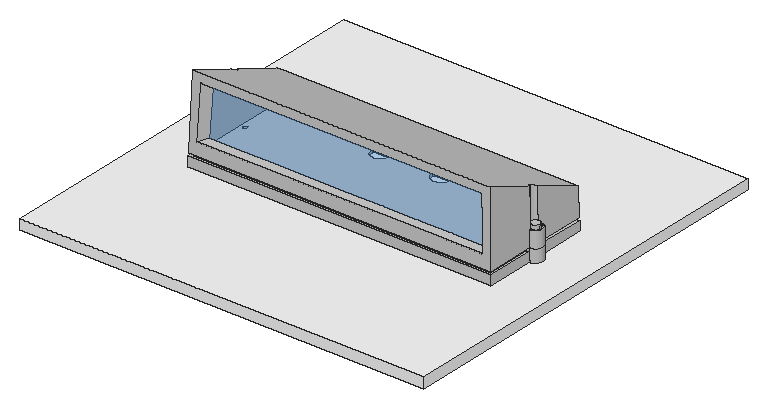
Revit family "BE_24374_de_DE", category Leuchten, Revit 2015
Parameters (values of type "BEGA_24374_Silber_K4")
  built-in parameter 1150104 = 12.765 (stored number, unit not read)
  Wattage = 12.3 W
  Default Elevation = 0 mm
  built-in parameter 1150113 = 1 (stored number, unit not read)
  built-in parameter 1114218 = 1 (stored number, unit not read)
  Umgebungstemperatur = "25 °C"
  URL = "http://www.bega.de/produkt/24374"
  Typenkommentare = "© 2017 BEGA. Wir behalten uns das Recht vor, technische Änderungen ohne vorherige Ankündigung vorzunehmen."  # constant formula
  Type Image = 24374.png
  built-in parameter 1150134 = 12
  built-in parameter 1150109 = 1 (stored number, unit not read)
  Strom = ""
  built-in parameter 1150110 = 1 (stored number, unit not read)
  Spannung = 239.996 V
  Sonderanfertigung = no
  Seriennummer [instance] = "Hier können Sie die eindeutige Seriennummer für das Facility Management eintragen."
  Schutzklasse = "I"
  Schutzart = "IP 65"
  Scheinlast = 0 VA
  Produktdatenblatt = "http://www.bega.de/download/Xrfa/db/24374.db.de.pdf"
  Oberflächentemperatur = ""
  Neigungswinkel = 0.00°
  Modell = "24374AK4"
  Material_17 = BEGA_Reflektor
  Material_15 = BEGA_Leuchtmedium_matt
  Material_11 = BEGA_Glas_opal
  Material_10 = BEGA_Glas_matt
  Material_09 = BEGA_Glas_klar
  Material_06 = BEGA_Oberfläche_Edelstahl_gebürstet
  Material_03 = BEGA_Oberfläche_Weiss_matt
  Material_02 = BEGA_Oberfläche_Silber_matt
  Material_01 [instance] = BEGA_Oberfläche_Grafit_matt
  M_W = no
  M_G = no
  M_A = yes
  Logo = 0
  built-in parameter 1114217 = 1 (stored number, unit not read)
  built-in parameter 1150139 = (empty or 0)
  built-in parameter 1150105 = 134.49 (stored number, unit not read)
  built-in parameter 1150114 = 1 (stored number, unit not read)
  Lumens = 1690.02 lm
  built-in parameter 1150115 = 1 (stored number, unit not read)
  Leuchtenlichtstrom = "1077 lm"
  Leuchtenanzahl = ""
  Lebensdauerkriterien = "L70B50 @ 25 °C = 356000 h"
  Lastklassifizierung = Beleuchtung
  built-in parameter 1150112 = 1 (stored number, unit not read)
  Lampenlichtstrom = "1690 lm"
  Lampe = "LED 12.3 W"
  LED_Modulbezeichnung = "LED-0519/840"
  built-in parameter 1150142 = (empty or 0)
  Hersteller = "BEGA"  # constant formula
  Halbstreuwinkel = ""
  Gewicht = "1.55 kg"
  Gebrauchslageneinschränkung [instance] = ""
  Frequenz = "0/50-60 Hz"
  Farbwiedergabeindex = "Ra > 80"
  Farbtemperaturverschiebung bei Dämpfen der Lampe = <Keine Auswahl>
  Farbtemperatur = "4000 K"
  Color Filter = 16777215
  built-in parameter 1150133 = 10 (stored number, unit not read)
  Energieeffizienzklasse = "LED A++ - A"
  built-in parameter 1150137 = (empty or 0)
  built-in parameter 1150132 = (empty or 0)
  ENEC = "ja"
  Dimmbar [instance] = "DALI"
  Datei für fotometrisches Netz = "BE_24374K4.IES"
  CE_Konformität = "ja"
  Bestellnummer = "24374AK4"
  Beschreibung_Sonderanfertigung = "Hier können Sie Informationen zur Sonderanfertigung eintragen."
  Beschreibung = "Wandleuchte"
  built-in parameter 1150106 = 1.3449 (stored number, unit not read)
  Befestigungsbohrung = "Ø 5 mm"
  Befestigungsabstand = "274 mm"
  Ballwurfsicher = ""
  BEGA_Intern_aus = yes
  BEGA_Intern_an = yes
  BEGA_Intern_Konstruktion = yes
  BEGA_Intern = yes
  BEGA_IES = yes
  BEGA_Dummy = no
  Anschlussleitung = ""
  Anschlussleistung [instance] = "15 W"
  Anschlusskasten = ""
  built-in parameter 1150107 = 4000 (stored number, unit not read)
  built-in parameter 1150102 = (empty or 0)
  built-in parameter 1150138 = (empty or 0)
  Aktualisierung = "2017-06-27T04:08:34"
  Abstand_zur_angestrahlten_Fläche [instance] = ""
  AC/DC = "AC/DC"
Types (4, lengths in mm): name | built-in parameter 1150134 | Modell | M_G | M_A | LED_Modulbezeichnung | Farbtemperatur | Datei für fotometrisches Netz | Bestellnummer | built-in parameter 1150107
  BEGA_24374_Grafit_K4 | 12 | "24374K4" | yes | no | "LED-0519/840" | "4000 K" | "BE_24374K4.IES" | "24374K4" | 4000 (stored number, unit not read)
  BEGA_24374_Silber_K3 | (empty or 0) | "24374A" | no | yes | "LED-0519/830" | "3000 K" | "BE_24374.IES" | "24374A" | 3000 (stored number, unit not read)
  BEGA_24374_Grafit_K3 | (empty or 0) | "24374" | yes | no | "LED-0519/830" | "3000 K" | "BE_24374.IES" | "24374" | 3000 (stored number, unit not read)
  BEGA_24374_Silber_K4 | 12 | "24374AK4" | no | yes | "LED-0519/840" | "4000 K" | "BE_24374K4.IES" | "24374AK4" | 4000 (stored number, unit not read)
Reference planes
  plane 1 "Mitte (Vorne/Hinten)": y = 0
  plane 2: z = 0
  plane 3 "Mitte (Links/Rechts)": x = 0
  plane 4 "Links": x = -157.5
  plane 5 "Rechts": x = 157.5
  plane 6 "Unten": y = -55
  plane 7 "Oben": y = 55
  plane 8 "Vorne": z = 85
  plane 9 "Hinten": z = 0
Forms (mm)
  Extrusion 1, solid, material "BEGA_Platte_Weiss"
    sketch origin (0, -1119.2, 0) x (1, 0, 0) y (0, 1, 0)
      loop
        line (-200, 1319.2) -> (-200, 919.2) -> (200, 919.2) -> (200, 1319.2) -> (-200, 1319.2)
    from 0 to -10
  Extrusion 2, solid, material "BEGA_Dummy_matt", visible <- "BEGA_Dummy"
    sketch origin (80.095, -76.023, 0) x (1, 0, 0) y (0, 1, 0)
      loop
        line (-237.595, 131.023) -> (-237.595, 21.023) -> (77.404, 21.023) -> (77.404, 131.023) -> (-237.595, 131.023)
    from 0 to 25.379
Dimensions and locks
  plane 1 "Mitte (Vorne/Hinten)" to Extrusion 1 = 200 mm
  aligned and locked: plane 2 to Extrusion 1
  aligned and locked: level to Extrusion 1
Nested families
  nested 1: "BE_24374" at (0, 0, 0), type "BE_24374"
Connectors
  electrical at (0, 0, 0), driven by "Lastklassifizierung", driven by "Spannung", driven by "Scheinlast"
    settings: index 1, voltage 239.996 V, apparent load 0 VA, apparent load phase1 0 VA, apparent load phase2 0 VA, apparent load phase3 0 VA, power factor 1, load classification "Beleuchtung", number of poles 1, system type 31, power factor state 1, is connector primary yes, connector utility no, sub classification motor no, connector description ""
Definition of nested family "BE_24374"
  Parameters (values of type "BE_24374")
    Default Elevation = 1 mm
    URL = "http://www.bega.de/de/produkt"
    Type Comments = "© 2015 BEGA. Wir behalten uns das Recht vor, technische Änderungen ohne vorherige Ankündigung vorzunehmen. "  # constant formula
    Type Image = (empty or 0)
    Material_17 = none
    Material_15 = none
    Material_11 = none
    Material_10 = none
    Material_09 = none
    Material_06 = none
    Material_03 = none
    Material_02 = none
    Material_01 = none
    M_W = yes
    M_G = yes
    M_A = yes
    Länge_Platte = 400 mm  # constant formula
    Höhe_Platte = -10 mm  # constant formula
    Manufacturer = "BEGA"  # constant formula
    Breite_Platte = 200 mm  # constant formula
  Reference planes
    plane 1 "Mitte (Oben/Unten)": y = 0
    plane 2: z = 0
    plane 3 "Mitte (Links/Rechts)": x = 0
    plane 4 "Hinten": z = 0
    plane 5 "Unten": y = -55
    plane 6: x = -157.5
    plane 7: z = 85
    plane 8: x = 157.5
    plane 9: y = 55
  Forms (mm)
    Extrusion 1, solid, detail levels medium
      sketch origin (0, 0, 0) x (1, 0, 0) y (0, 1, 0)
        loop
          line (-200, 100) -> (-200, -100) -> (200, -100) -> (200, 100) -> (-200, 100)
      from 0 to -10 <- "Höhe_Platte"
    Extrusion 2, solid, material <- "Material_01", visible <- "M_G", detail levels medium+fine
      sketch origin (0, 0, 0) x (0, 1, 0) y (0, 0, 1)
        loop
          line (54.6, 12) -> (53.615, 40.2) -> (-52.051, 85) -> (-54.6, 12) -> (-52.3, 12) -> (-52.143, 16.5) -> (-45.263, 16.5) -> (-43.091, 78.703) -> (44.386, 41.615) -> (45.263, 16.5) -> (52.143, 16.5) -> (52.3, 12) -> (54.6, 12)
      from -149.58 to 149.58
    Extrusion 3, solid, material <- "Material_01", visible <- "M_G", detail levels medium+fine
      sketch origin (0, 0, 0) x (0, 1, 0) y (0, 0, 1)
        loop
          line (53.615, 40.2) -> (-52.051, 85) -> (-54.6, 12) -> (54.6, 12) -> (53.615, 40.2)
      from -149.58 to -143.033
    Extrusion 4, solid, material <- "Material_01", visible <- "M_G", detail levels medium+fine
      sketch origin (0, 0, 0) x (0, 1, 0) y (0, 0, -1)
        loop
          line (53.615, -40.2) -> (54.6, -12) -> (-54.6, -12) -> (-52.051, -85) -> (53.615, -40.2)
      from -149.58 to -143.878
    Extrusion 5, void
      sketch origin (0, 0, 0) x (1, 0, 0) y (0, 0, 1)
        loop
          line (-146.975, 86.584) -> (-149.58, 86.584) -> (-149.58, 12) -> (-146.975, 86.584)
      from -56.602 to 58.291
    Extrusion 6, void
      sketch origin (0, 0, 0) x (-1, 0, 0) y (0, 0, -1)
        loop
          line (-146.975, -86.584) -> (-149.58, -12) -> (-149.58, -86.584) -> (-146.975, -86.584)
      from -56.602 to 58.291
    Extrusion 7, solid, material <- "Material_01", visible <- "M_G", detail levels medium+fine
      sketch origin (0, 0, 0) x (-1, 0, 0) y (0, -1, 0)
        loop
          line (-146.067, -7.186) -> (-146.067, 7.186) -> (-150, 7.186)
          arc (-150, 7.186) -> (-157.186, 0.001) -> (-150.002, -7.186) r 7.186
          line (-150.002, -7.186) -> (-146.067, -7.186)
      from 12 to 28
    Sweep 8, solid, material <- "Material_01", visible <- "M_G", detail levels medium+fine
      path in 3D
        loop
          line (-149.58, 54.6, 12) -> (-149.58, -54.6, 12) -> (149.58, -54.6, 12) -> (149.58, 54.6, 12) -> (-149.58, 54.6, 12)
      profile origin (0, 54.6, 12) x (0, 1, 0) y (0, 0, -1)
        loop
          line (0.4, 12) -> (-1.901, 12) -> (-2.102, 6.267)
          arc (-2.102, 6.267) -> (-2.406, 5.581) -> (-3.116, 5.3) r 1
          arc (-3.116, 5.3) -> (-4.504, 4.739) -> (-5.114, 3.372) r 2
          line (-5.114, 3.372) -> (-5.246, -0.4) -> (-27.587, -0.4) -> (-27.587, -2.7) -> (-3.025, -2.7) -> (-2.826, 3) -> (0.086, 3) -> (0.4, 12)
    Extrusion 9, solid, material <- "Material_01", visible <- "M_G", detail levels medium+fine
      sketch origin (0, 0, 0) x (1, 0, 0) y (0, 1, 0)
        loop
          line (-121.993, 27.013) -> (-121.993, -27.013) -> (121.993, -27.013) -> (121.993, 27.013) -> (-121.993, 27.013)
      from 14.7 to 12.4
    Extrusion 10, solid, material <- "Material_01", visible <- "M_G", detail levels medium+fine
      sketch origin (0, 0, 0) x (-1, 0, 0) y (0, -1, 0)
        loop
          line (-145.279, -7.5) -> (-145.279, 7.5) -> (-150, 7.5)
          arc (-150, 7.5) -> (-157.5, 0.001) -> (-150.001, -7.5) r 7.5
          line (-150.001, -7.5) -> (-145.279, -7.5)
      from 0 to 12
    Extrusion 11, solid, material <- "Material_01", visible <- "M_G", detail levels medium+fine
      sketch origin (0, 0, 0) x (1, 0, 0) y (0, 1, 0)
        loop
          line (-146.067, 7.186) -> (-150.002, 7.186)
          arc (-150.002, 7.186) -> (-157.186, -0.001) -> (-150, -7.186) r 7.186
          line (-150, -7.186) -> (-146.067, -7.186) -> (-146.067, 7.186)
      from 12 to 28
    Extrusion 12, solid, material <- "Material_01", visible <- "M_G", detail levels medium+fine
      sketch origin (0, 0, 0) x (1, 0, 0) y (0, 1, 0)
        loop
          line (-145.279, 7.5) -> (-150.001, 7.5)
          arc (-150.001, 7.5) -> (-157.5, -0.001) -> (-150, -7.5) r 7.5
          line (-150, -7.5) -> (-145.279, -7.5) -> (-145.279, 7.5)
      from 0 to 12
    Sweep 13, solid, material <- "Material_02", visible <- "M_A", detail levels medium+fine
      path in 3D
        loop
          line (-149.58, 54.6, 12) -> (-149.58, -54.6, 12) -> (149.58, -54.6, 12) -> (149.58, 54.6, 12) -> (-149.58, 54.6, 12)
      profile origin (0, 54.6, 12) x (0, 1, 0) y (0, 0, -1)
        loop
          line (0.4, 12) -> (-1.901, 12) -> (-2.102, 6.267)
          arc (-2.102, 6.267) -> (-2.406, 5.581) -> (-3.116, 5.3) r 1
          arc (-3.116, 5.3) -> (-4.504, 4.739) -> (-5.114, 3.372) r 2
          line (-5.114, 3.372) -> (-5.246, -0.4) -> (-27.587, -0.4) -> (-27.587, -2.7) -> (-3.025, -2.7) -> (-2.826, 3) -> (0.086, 3) -> (0.4, 12)
    Extrusion 14, solid, material <- "Material_02", visible <- "M_A", detail levels medium+fine
      sketch origin (0, 0, 0) x (1, 0, 0) y (0, 1, 0)
        loop
          line (-121.993, 27.013) -> (-121.993, -27.013) -> (121.993, -27.013) -> (121.993, 27.013) -> (-121.993, 27.013)
      from 14.7 to 12.4
    Extrusion 15, solid, material <- "Material_02", visible <- "M_A", detail levels medium+fine
      sketch origin (0, 0, 0) x (-1, 0, 0) y (0, -1, 0)
        loop
          line (-145.279, -7.5) -> (-145.279, 7.5) -> (-150, 7.5)
          arc (-150, 7.5) -> (-157.5, 0.001) -> (-150.001, -7.5) r 7.5
          line (-150.001, -7.5) -> (-145.279, -7.5)
      from 0 to 12
    Extrusion 16, solid, material <- "Material_02", visible <- "M_A", detail levels medium+fine
      sketch origin (0, 0, 0) x (1, 0, 0) y (0, 1, 0)
        loop
          line (-145.279, 7.5) -> (-150.001, 7.5)
          arc (-150.001, 7.5) -> (-157.5, -0.001) -> (-150, -7.5) r 7.5
          line (-150, -7.5) -> (-145.279, -7.5) -> (-145.279, 7.5)
      from 0 to 12
    Extrusion 17, solid, material <- "Material_02", visible <- "M_A", detail levels medium+fine
      sketch origin (0, 0, 0) x (0, 1, 0) y (0, 0, 1)
        loop
          line (54.6, 12) -> (53.615, 40.2) -> (-52.051, 85) -> (-54.6, 12) -> (-52.3, 12) -> (-52.143, 16.5) -> (-45.263, 16.5) -> (-43.091, 78.703) -> (44.386, 41.615) -> (45.263, 16.5) -> (52.143, 16.5) -> (52.3, 12) -> (54.6, 12)
      from -149.58 to 149.58
    Extrusion 18, solid, material <- "Material_02", visible <- "M_A", detail levels medium+fine
      sketch origin (0, 0, 0) x (0, 1, 0) y (0, 0, 1)
        loop
          line (53.615, 40.2) -> (-52.051, 85) -> (-54.6, 12) -> (54.6, 12) -> (53.615, 40.2)
      from -149.58 to -143.033
    Extrusion 19, solid, material <- "Material_02", visible <- "M_A", detail levels medium+fine
      sketch origin (0, 0, 0) x (0, 1, 0) y (0, 0, -1)
        loop
          line (53.615, -40.2) -> (54.6, -12) -> (-54.6, -12) -> (-52.051, -85) -> (53.615, -40.2)
      from -149.58 to -143.878
    Extrusion 20, solid, material <- "Material_02", visible <- "M_A", detail levels medium+fine
      sketch origin (0, 0, 0) x (-1, 0, 0) y (0, -1, 0)
        loop
          line (-146.067, -7.186) -> (-146.067, 7.186) -> (-150, 7.186)
          arc (-150, 7.186) -> (-157.186, 0.001) -> (-150.002, -7.186) r 7.186
          line (-150.002, -7.186) -> (-146.067, -7.186)
      from 12 to 28
    Extrusion 21, solid, material <- "Material_02", visible <- "M_A", detail levels medium+fine
      sketch origin (0, 0, 0) x (1, 0, 0) y (0, 1, 0)
        loop
          line (-146.067, 7.186) -> (-150.002, 7.186)
          arc (-150.002, 7.186) -> (-157.186, -0.001) -> (-150, -7.186) r 7.186
          line (-150, -7.186) -> (-146.067, -7.186) -> (-146.067, 7.186)
      from 12 to 28
    Extrusion 22, void
      sketch origin (0, 0, 0) x (1, 0, 0) y (0, 0, 1)
        loop
          line (-149.58, 12) -> (-146.928, 87.951) -> (-149.58, 87.951) -> (-149.58, 12)
      from -56.602 to 58.291
    Extrusion 23, void
      sketch origin (0, 0, 0) x (-1, 0, 0) y (0, 0, -1)
        loop
          line (-149.58, -12) -> (-149.58, -87.951) -> (-146.928, -87.951) -> (-149.58, -12)
      from -56.602 to 58.291
    Extrusion 24, void
      sketch origin (0, 0, 0) x (1, 0, 0) y (0, 1, 0)
        loop
          circle (-137, 0) r 2.295
        loop
          circle (137, 0) r 2.295
        loop
          circle (-29.98, 32.956) r 8.5
        loop
          circle (30.02, 32.956) r 8.5
      from 0 to 17.494
    Extrusion 25, void
      sketch origin (0, 0, 0) x (1, 0, 0) y (0, 1, 0)
        loop
          circle (-150, 0) r 5.401
        loop
          circle (150, 0) r 5.401
      from 24.531 to 92.967
    Extrusion 26, void
      sketch origin (0, 0, 0) x (1, 0, 0) y (0, 1, 0)
        loop
          circle (-150, 0) r 2.4
        loop
          circle (150, 0) r 2.4
      from 0 to 24.531
    Extrusion 27, solid, material <- "Material_06", detail levels fine
      sketch origin (0, 0, 0) x (1, 0, 0) y (0, 1, 0)
        loop
          circle (-150, 0) r 4.4
        loop
          circle (150, 0) r 4.4
      from 24.531 to 31.246
    Blend 28, void
      base sketch origin (0, 0, 0) x (1, 0, 0) y (0, 0, 1)
        loop
          line (-135.746, 25.489) -> (135.781, 25.489) -> (134.098, 73.703) -> (-134.063, 73.703) -> (-135.746, 25.489)
      top sketch origin (0, 0, 0) x (1, 0, 0) y (0, 0, 1)
        loop
          line (-139.775, 78) -> (-141.637, 24.7) -> (141.637, 24.7) -> (139.775, 78) -> (-139.775, 78)
      from 42.635 to 54.455
    Extrusion 29, solid, material <- "Material_10", detail levels medium+fine
      sketch origin (0, 0, 0) x (0, 1, 0) y (0, 0, 1)
        loop
          line (-38.861, 76.632) -> (-42.859, 76.772) -> (-44.848, 19.807) -> (-40.85, 19.667) -> (-38.861, 76.632)
      from -139.005 to 139.02
  Cuts and joins
    Extrusion 5, Extrusion 6, Extrusion 22, Extrusion 23, Extrusion 24, Extrusion 25, Extrusion 26, Blend 28 cuts Extrusion 2
    Extrusion 5, Extrusion 6, Extrusion 22, Extrusion 23, Extrusion 24, Extrusion 25, Extrusion 26, Blend 28 cuts Extrusion 3
    Extrusion 5, Extrusion 6, Extrusion 22, Extrusion 23, Extrusion 24, Extrusion 25, Extrusion 26, Blend 28 cuts Extrusion 4
    Extrusion 22, Extrusion 24, Extrusion 25, Extrusion 26, Blend 28 cuts Extrusion 7
    Extrusion 23, Extrusion 24, Extrusion 25, Extrusion 26, Blend 28 cuts Extrusion 11
    joined: Extrusion 2, Extrusion 3, Extrusion 4, Extrusion 7, Extrusion 11
    Extrusion 24, Extrusion 25, Extrusion 26 cuts Sweep 8
    Extrusion 24, Extrusion 25, Extrusion 26 cuts Extrusion 9
    Extrusion 24, Extrusion 25, Extrusion 26 cuts Extrusion 10
    Extrusion 24, Extrusion 25, Extrusion 26 cuts Extrusion 12
    joined: Sweep 8, Extrusion 9, Extrusion 10, Extrusion 12
    Extrusion 24, Extrusion 25, Extrusion 26 cuts Sweep 13
    Extrusion 24, Extrusion 25, Extrusion 26 cuts Extrusion 14
    Extrusion 24, Extrusion 25, Extrusion 26 cuts Extrusion 15
    Extrusion 24, Extrusion 25, Extrusion 26 cuts Extrusion 16
    joined: Sweep 13, Extrusion 14, Extrusion 15, Extrusion 16
    Extrusion 22, Extrusion 23, Extrusion 24, Extrusion 25, Extrusion 26, Blend 28 cuts Extrusion 17
    Extrusion 22, Extrusion 23, Extrusion 24, Extrusion 25, Extrusion 26, Blend 28 cuts Extrusion 18
    Extrusion 22, Extrusion 23, Extrusion 24, Extrusion 25, Extrusion 26, Blend 28 cuts Extrusion 19
    Extrusion 22, Extrusion 24, Extrusion 25, Extrusion 26, Blend 28 cuts Extrusion 20
    Extrusion 23, Extrusion 24, Extrusion 25, Extrusion 26, Blend 28 cuts Extrusion 21
    joined: Extrusion 17, Extrusion 18, Extrusion 19, Extrusion 20, Extrusion 21
  Lines and regions (mm)
    sketch lines
      curve 1: line (149.58, 54.6, 12) -> (-149.58, 54.6, 12)
      curve 2: line (149.58, -54.6, 12) -> (-149.58, -54.6, 12)
      curve 3: line (-149.58, -54.6, 12) -> (-149.58, 54.6, 12)
      curve 4: line (149.58, 54.6, 12) -> (149.58, -54.6, 12)
      curve 5: line (149.58, 54.6, 12) -> (-149.58, 54.6, 12)
      curve 6: line (149.58, -54.6, 12) -> (-149.58, -54.6, 12)
      curve 7: line (-149.58, -54.6, 12) -> (-149.58, 54.6, 12)
      curve 8: line (149.58, 54.6, 12) -> (149.58, -54.6, 12)
  Dimensions and locks
    equal spacing: Extrusion 1 sketch curve, plane 3 "Mitte (Links/Rechts)", Extrusion 1 sketch curve
    equal spacing: Extrusion 1 sketch curve, plane 1 "Mitte (Oben/Unten)", Extrusion 1 sketch curve
    "Länge_Platte": Extrusion 1 sketch curve to Extrusion 1 sketch curve
    "Breite_Platte": Extrusion 1 sketch curve to Extrusion 1 sketch curve
    aligned and locked: plane 2 to Extrusion 1
    aligned and locked: level to Extrusion 1
  Automatic sketch dimensions
    level to Extrusion 2 sketch curve = 12 mm  (x2)
    plane 1 "Mitte (Oben/Unten)" to Extrusion 2 sketch curve = 54.6 mm
    Extrusion 2 sketch curve to Extrusion 2 sketch curve = 2.3 mm  (x2)
    level to Extrusion 2 sketch curve = 16.5 mm  (x2)
    Extrusion 2 sketch curve to Extrusion 2 sketch curve = 0.157 mm  (x2)
    plane 1 "Mitte (Oben/Unten)" to Extrusion 2 sketch curve = 52.051 mm
    Extrusion 2 sketch curve to Extrusion 2 sketch curve = 6.879 mm  (x2)
    Extrusion 2 sketch curve to Extrusion 2 sketch curve = 8.96 mm
    Extrusion 2 sketch curve to plane 1 "Mitte (Oben/Unten)" = 44.386 mm
    Extrusion 2 sketch curve to Extrusion 2 sketch curve = 0.877 mm
    Extrusion 2 sketch curve to Extrusion 2 sketch curve = 9.229 mm
    Extrusion 2 sketch curve to Extrusion 2 sketch curve = 23.7 mm
    Extrusion 2 sketch curve to Extrusion 2 sketch curve = 1.415 mm
    Extrusion 2 sketch curve to Extrusion 2 sketch curve = 62.203 mm
    Extrusion 2 sketch curve to Extrusion 2 sketch curve = 6.297 mm
    level to Extrusion 3 sketch curve = 12 mm
    plane 1 "Mitte (Oben/Unten)" to Extrusion 3 sketch curve = 54.6 mm
    plane 1 "Mitte (Oben/Unten)" to Extrusion 3 sketch curve = 52.051 mm
    Extrusion 3 sketch curve to plane 1 "Mitte (Oben/Unten)" = 53.615 mm
    Extrusion 3 sketch curve to Extrusion 3 sketch curve = 0.985 mm
    Extrusion 3 sketch curve to Extrusion 3 sketch curve = 28.2 mm
    Extrusion 3 sketch curve to Extrusion 3 sketch curve = 73 mm
    level to Extrusion 4 sketch curve = 12 mm
    plane 1 "Mitte (Oben/Unten)" to Extrusion 4 sketch curve = 54.6 mm
    plane 1 "Mitte (Oben/Unten)" to Extrusion 4 sketch curve = 52.051 mm
    Extrusion 4 sketch curve to plane 1 "Mitte (Oben/Unten)" = 53.615 mm
    Extrusion 4 sketch curve to Extrusion 4 sketch curve = 0.985 mm
    Extrusion 4 sketch curve to Extrusion 4 sketch curve = 28.2 mm
    Extrusion 4 sketch curve to Extrusion 4 sketch curve = 73 mm
    level to Extrusion 5 sketch curve = 12 mm
    Extrusion 5 sketch curve to Extrusion 5 sketch curve = 2.605 mm
    Extrusion 5 sketch curve to Extrusion 5 sketch curve = 74.584 mm
    Extrusion 6 sketch curve to level = 12 mm
    Extrusion 6 sketch curve to Extrusion 6 sketch curve = 2.605 mm
    Extrusion 6 sketch curve to Extrusion 6 sketch curve = 74.584 mm
    plane 1 "Mitte (Oben/Unten)" to Extrusion 7 sketch curve = 0 mm
    Extrusion 7 sketch curve to Extrusion 7 sketch curve = 3.933 mm
    Extrusion 7 sketch curve to plane 1 "Mitte (Oben/Unten)" = 7.186 mm
    Extrusion 7 sketch curve to Extrusion 7 sketch curve = 3.935 mm
    Extrusion 7 sketch curve to Extrusion 7 sketch curve = 0.002 mm
    Sweep 8 sketch curve to profile plane = 2.7 mm
    profile plane to Sweep 8 sketch curve = 27.587 mm
    Sweep 8 sketch curve to profile plane = 0.4 mm  (x2)
    profile plane to Sweep 8 sketch curve = 5.246 mm
    Sweep 8 sketch curve to Sweep 8 sketch curve = 0.132 mm
    Sweep 8 sketch curve to Sweep 8 sketch curve = 1.999 mm
    Sweep 8 sketch curve to Sweep 8 sketch curve = 0.015 mm  (x3)
    profile plane to Sweep 8 sketch curve = 3.025 mm
    Sweep 8 sketch curve to Sweep 8 sketch curve = 0.29 mm
    Sweep 8 sketch curve to Sweep 8 sketch curve = 0.999 mm
    profile plane to Sweep 8 sketch curve = 1.901 mm
    Sweep 8 sketch curve to profile plane = 0.086 mm
    profile plane to Sweep 8 sketch curve = 3 mm
    Sweep 8 sketch curve to Sweep 8 sketch curve = 0.3 mm
    Sweep 8 sketch curve to Sweep 8 sketch curve = 0.072 mm
    Sweep 8 sketch curve to Sweep 8 sketch curve = 0.967 mm
    Sweep 8 sketch curve to Sweep 8 sketch curve = 0.033 mm
    Sweep 8 sketch curve to Sweep 8 sketch curve = 5.733 mm
    plane 1 "Mitte (Oben/Unten)" to Extrusion 9 sketch curve = 27.013 mm
    Extrusion 9 sketch curve to plane 1 "Mitte (Oben/Unten)" = 27.013 mm
    plane 1 "Mitte (Oben/Unten)" to Extrusion 10 sketch curve = 0 mm
    Extrusion 10 sketch curve to Extrusion 10 sketch curve = 4.721 mm
    Extrusion 10 sketch curve to plane 1 "Mitte (Oben/Unten)" = 7.5 mm
    Extrusion 10 sketch curve to Extrusion 10 sketch curve = 4.723 mm
    Extrusion 10 sketch curve to Extrusion 10 sketch curve = 0.001 mm
    plane 1 "Mitte (Oben/Unten)" to Extrusion 11 sketch curve = 0 mm
    Extrusion 11 sketch curve to Extrusion 11 sketch curve = 3.933 mm
    plane 1 "Mitte (Oben/Unten)" to Extrusion 11 sketch curve = 7.186 mm
    Extrusion 11 sketch curve to Extrusion 11 sketch curve = 3.935 mm
    Extrusion 11 sketch curve to Extrusion 11 sketch curve = 0.002 mm
    plane 1 "Mitte (Oben/Unten)" to Extrusion 12 sketch curve = 0 mm
    Extrusion 12 sketch curve to Extrusion 12 sketch curve = 4.721 mm
    plane 1 "Mitte (Oben/Unten)" to Extrusion 12 sketch curve = 7.5 mm
    Extrusion 12 sketch curve to Extrusion 12 sketch curve = 4.723 mm
    Extrusion 12 sketch curve to Extrusion 12 sketch curve = 0.001 mm
    Sweep 13 sketch curve to profile plane = 2.7 mm
    profile plane to Sweep 13 sketch curve = 27.587 mm
    Sweep 13 sketch curve to profile plane = 0.4 mm  (x2)
    profile plane to Sweep 13 sketch curve = 5.246 mm
    Sweep 13 sketch curve to Sweep 13 sketch curve = 0.132 mm
    Sweep 13 sketch curve to Sweep 13 sketch curve = 1.999 mm
    Sweep 13 sketch curve to Sweep 13 sketch curve = 0.015 mm  (x3)
    profile plane to Sweep 13 sketch curve = 3.025 mm
    Sweep 13 sketch curve to Sweep 13 sketch curve = 0.29 mm
    Sweep 13 sketch curve to Sweep 13 sketch curve = 0.999 mm
    profile plane to Sweep 13 sketch curve = 1.901 mm
    Sweep 13 sketch curve to profile plane = 0.086 mm
    profile plane to Sweep 13 sketch curve = 3 mm
    Sweep 13 sketch curve to Sweep 13 sketch curve = 0.3 mm
    Sweep 13 sketch curve to Sweep 13 sketch curve = 0.072 mm
    Sweep 13 sketch curve to Sweep 13 sketch curve = 0.967 mm
    Sweep 13 sketch curve to Sweep 13 sketch curve = 0.033 mm
    Sweep 13 sketch curve to Sweep 13 sketch curve = 5.733 mm
    plane 1 "Mitte (Oben/Unten)" to Extrusion 14 sketch curve = 27.013 mm
    Extrusion 14 sketch curve to plane 1 "Mitte (Oben/Unten)" = 27.013 mm
    plane 1 "Mitte (Oben/Unten)" to Extrusion 15 sketch curve = 0 mm
    Extrusion 15 sketch curve to Extrusion 15 sketch curve = 4.721 mm
    Extrusion 15 sketch curve to plane 1 "Mitte (Oben/Unten)" = 7.5 mm
    Extrusion 15 sketch curve to Extrusion 15 sketch curve = 4.723 mm
    Extrusion 15 sketch curve to Extrusion 15 sketch curve = 0.001 mm
    plane 1 "Mitte (Oben/Unten)" to Extrusion 16 sketch curve = 0 mm
    Extrusion 16 sketch curve to Extrusion 16 sketch curve = 4.721 mm
    plane 1 "Mitte (Oben/Unten)" to Extrusion 16 sketch curve = 7.5 mm
    Extrusion 16 sketch curve to Extrusion 16 sketch curve = 4.723 mm
    Extrusion 16 sketch curve to Extrusion 16 sketch curve = 0.001 mm
    level to Extrusion 17 sketch curve = 12 mm  (x2)
    plane 1 "Mitte (Oben/Unten)" to Extrusion 17 sketch curve = 54.6 mm
    Extrusion 17 sketch curve to Extrusion 17 sketch curve = 2.3 mm  (x2)
    level to Extrusion 17 sketch curve = 16.5 mm  (x2)
    Extrusion 17 sketch curve to Extrusion 17 sketch curve = 0.157 mm  (x2)
    plane 1 "Mitte (Oben/Unten)" to Extrusion 17 sketch curve = 52.051 mm
    Extrusion 17 sketch curve to Extrusion 17 sketch curve = 6.879 mm  (x2)
    Extrusion 17 sketch curve to Extrusion 17 sketch curve = 8.96 mm
    Extrusion 17 sketch curve to plane 1 "Mitte (Oben/Unten)" = 44.386 mm
    Extrusion 17 sketch curve to Extrusion 17 sketch curve = 0.877 mm
    Extrusion 17 sketch curve to Extrusion 17 sketch curve = 9.229 mm
    Extrusion 17 sketch curve to Extrusion 17 sketch curve = 23.7 mm
    Extrusion 17 sketch curve to Extrusion 17 sketch curve = 1.415 mm
    Extrusion 17 sketch curve to Extrusion 17 sketch curve = 62.203 mm
    Extrusion 17 sketch curve to Extrusion 17 sketch curve = 6.297 mm
    level to Extrusion 18 sketch curve = 12 mm
    plane 1 "Mitte (Oben/Unten)" to Extrusion 18 sketch curve = 54.6 mm
    plane 1 "Mitte (Oben/Unten)" to Extrusion 18 sketch curve = 52.051 mm
    Extrusion 18 sketch curve to plane 1 "Mitte (Oben/Unten)" = 53.615 mm
    Extrusion 18 sketch curve to Extrusion 18 sketch curve = 0.985 mm
    Extrusion 18 sketch curve to Extrusion 18 sketch curve = 28.2 mm
    Extrusion 18 sketch curve to Extrusion 18 sketch curve = 73 mm
    level to Extrusion 19 sketch curve = 12 mm
    plane 1 "Mitte (Oben/Unten)" to Extrusion 19 sketch curve = 54.6 mm
    plane 1 "Mitte (Oben/Unten)" to Extrusion 19 sketch curve = 52.051 mm
    Extrusion 19 sketch curve to plane 1 "Mitte (Oben/Unten)" = 53.615 mm
    Extrusion 19 sketch curve to Extrusion 19 sketch curve = 0.985 mm
    Extrusion 19 sketch curve to Extrusion 19 sketch curve = 28.2 mm
    Extrusion 19 sketch curve to Extrusion 19 sketch curve = 73 mm
    plane 1 "Mitte (Oben/Unten)" to Extrusion 20 sketch curve = 0 mm
    Extrusion 20 sketch curve to Extrusion 20 sketch curve = 3.933 mm
    Extrusion 20 sketch curve to plane 1 "Mitte (Oben/Unten)" = 7.186 mm
    Extrusion 20 sketch curve to Extrusion 20 sketch curve = 3.935 mm
    Extrusion 20 sketch curve to Extrusion 20 sketch curve = 0.002 mm
    plane 1 "Mitte (Oben/Unten)" to Extrusion 21 sketch curve = 0 mm
    Extrusion 21 sketch curve to Extrusion 21 sketch curve = 3.933 mm
    plane 1 "Mitte (Oben/Unten)" to Extrusion 21 sketch curve = 7.186 mm
    Extrusion 21 sketch curve to Extrusion 21 sketch curve = 3.935 mm
    Extrusion 21 sketch curve to Extrusion 21 sketch curve = 0.002 mm
    Extrusion 22 sketch curve to Extrusion 22 sketch curve = 2.652 mm
    level to Extrusion 22 sketch curve = 12 mm
    Extrusion 22 sketch curve to Extrusion 22 sketch curve = 75.951 mm
    Extrusion 23 sketch curve to Extrusion 23 sketch curve = 2.652 mm
    Extrusion 23 sketch curve to level = 12 mm
    Extrusion 23 sketch curve to Extrusion 23 sketch curve = 75.951 mm
    Extrusion 24 sketch curve to plane 1 "Mitte (Oben/Unten)" = 0 mm
    Extrusion 24 sketch curve to plane 3 "Mitte (Links/Rechts)" = 29.98 mm
    plane 3 "Mitte (Links/Rechts)" to Extrusion 24 sketch curve = 30.02 mm
    plane 1 "Mitte (Oben/Unten)" to Extrusion 24 sketch curve = 0 mm
    Extrusion 24 sketch curve to plane 1 "Mitte (Oben/Unten)" = 32.956 mm  (x2)
    plane 1 "Mitte (Oben/Unten)" to Extrusion 25 sketch curve = 0 mm  (x2)
    plane 1 "Mitte (Oben/Unten)" to Extrusion 26 sketch curve = 0 mm  (x2)
    Extrusion 27 sketch curve to plane 1 "Mitte (Oben/Unten)" = 0 mm  (x2)
    level to Blend 28 sketch curve = 25.489 mm  (x2)
    Blend 28 sketch curve to Blend 28 sketch curve = 1.684 mm
    Blend 28 sketch curve to Blend 28 sketch curve = 48.213 mm
    Blend 28 sketch curve to Blend 28 sketch curve = 1.683 mm
    level to Blend 28 sketch curve = 78 mm
    level to Blend 28 sketch curve = 24.7 mm
    Blend 28 sketch curve to Blend 28 sketch curve = 1.861 mm  (x2)
    plane 1 "Mitte (Oben/Unten)" to Extrusion 29 sketch curve = 38.861 mm
    level to Extrusion 29 sketch curve = 76.632 mm
    level to Extrusion 29 sketch curve = 19.667 mm
    plane 1 "Mitte (Oben/Unten)" to Extrusion 29 sketch curve = 40.85 mm
    Extrusion 29 sketch curve to Extrusion 29 sketch curve = 3.998 mm  (x2)
    Extrusion 29 sketch curve to Extrusion 29 sketch curve = 0.14 mm
    level to Extrusion 29 sketch curve = 19.807 mm
    Extrusion 5 sketch curve to plane 3 "Mitte (Links/Rechts)" = 149.58 mm
    Extrusion 9 sketch curve to plane 3 "Mitte (Links/Rechts)" = 121.993 mm
    Extrusion 11 sketch curve to plane 3 "Mitte (Links/Rechts)" = 150 mm
    Extrusion 12 sketch curve to plane 3 "Mitte (Links/Rechts)" = 150 mm
    Extrusion 14 sketch curve to plane 3 "Mitte (Links/Rechts)" = 121.993 mm
    Extrusion 16 sketch curve to plane 3 "Mitte (Links/Rechts)" = 150 mm
    Extrusion 21 sketch curve to plane 3 "Mitte (Links/Rechts)" = 150 mm
    Extrusion 22 sketch curve to plane 3 "Mitte (Links/Rechts)" = 149.58 mm
    Extrusion 24 sketch curve to Extrusion 24 sketch curve = 107.02 mm
    Extrusion 25 sketch curve to plane 3 "Mitte (Links/Rechts)" = 150 mm
    Extrusion 26 sketch curve to plane 3 "Mitte (Links/Rechts)" = 150 mm
    Extrusion 27 sketch curve to plane 3 "Mitte (Links/Rechts)" = 150 mm
    Blend 28 sketch curve to plane 3 "Mitte (Links/Rechts)" = 134.063 mm
    Blend 28 sketch curve to plane 3 "Mitte (Links/Rechts)" = 139.775 mm
    Extrusion 6 sketch curve to plane 3 "Mitte (Links/Rechts)" = 149.58 mm
    Extrusion 7 sketch curve to plane 3 "Mitte (Links/Rechts)" = 150 mm
    plane 3 "Mitte (Links/Rechts)" to Extrusion 9 sketch curve = 121.993 mm
    Extrusion 10 sketch curve to plane 3 "Mitte (Links/Rechts)" = 150 mm
    plane 3 "Mitte (Links/Rechts)" to Extrusion 14 sketch curve = 121.993 mm
    Extrusion 15 sketch curve to plane 3 "Mitte (Links/Rechts)" = 150 mm
    Extrusion 20 sketch curve to plane 3 "Mitte (Links/Rechts)" = 150 mm
    Extrusion 23 sketch curve to plane 3 "Mitte (Links/Rechts)" = 149.58 mm
    Extrusion 24 sketch curve to Extrusion 24 sketch curve = 106.98 mm
    plane 3 "Mitte (Links/Rechts)" to Extrusion 25 sketch curve = 150 mm
    plane 3 "Mitte (Links/Rechts)" to Extrusion 26 sketch curve = 150 mm
    plane 3 "Mitte (Links/Rechts)" to Extrusion 27 sketch curve = 150 mm
    plane 3 "Mitte (Links/Rechts)" to Blend 28 sketch curve = 134.098 mm
    plane 3 "Mitte (Links/Rechts)" to Blend 28 sketch curve = 139.775 mm
    radius of Extrusion 24 sketch curve = 2.295 mm  (x2)
    radius of Extrusion 24 sketch curve = 8.5 mm  (x2)
    radius of Extrusion 25 sketch curve = 5.401 mm  (x2)
    radius of Extrusion 26 sketch curve = 2.4 mm  (x2)
    radius of Extrusion 27 sketch curve = 4.4 mm  (x2)
